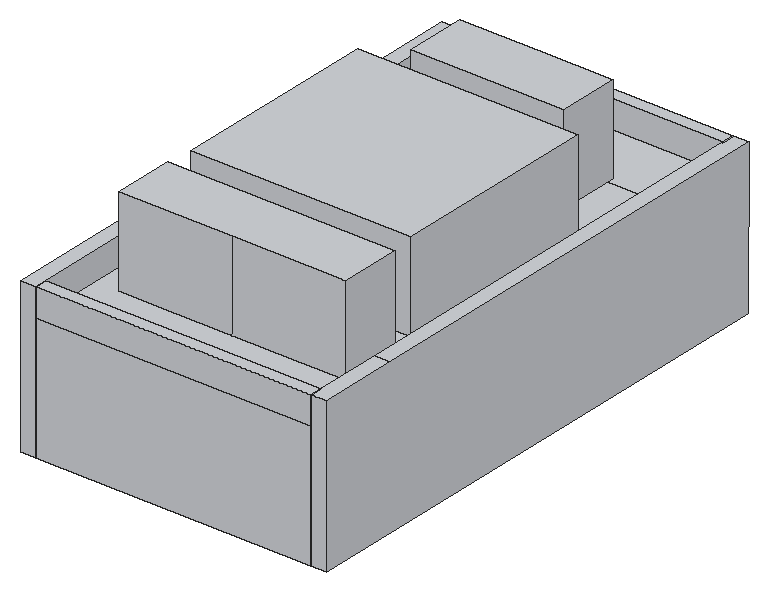
Revit family "Gira_086100", category Electrical Fixtures, host Face, Revit 2017
Family settings
  Host = Face
  Maintain Annotation Orientation = No
  Round Connector Dimension = Use Diameter
  Part Type = Normal
  Cut with Voids When Loaded = No
  Shared = No
  Room Calculation Point = No
Parameters (values of type "Cut-off relay 2-g DRA Blind")
  URL = "https://www.gira.de/"
  Type Comments = ""
  Model = ""
  Manufacturer = "Gira"
  Keynote = ""
  HeinzeBIM = "https://www.heinze.de/bim/cut-off-relay-2-g-dra-blind/5451681ee89bcbe04bd01c97bd85773aa633bdb1"
  HAN = "086100"
  GTIN = "4010337861003"
  Description = "Cut-off relay 2g DRA Blind 2-gang cut-off relay,DRA Features: - Simultaneous control of more than one blind drive. - In each case, two drives are electrically decoupled with one cut-off relay. - With two auxiliary inputs for the individual operation of the blinds and a central input for a central function, e.g. of a timer or for implementing central controllers for distribution among several RCCBs.,Notes : - The DRA cut-off relay is mounted on a cap profile rail."
  Default Elevation = 1219.2 mm
  Cost = 0
  BIMSITE_PRODUCT_ID = "5451681ee89bcbe04bd01c97bd85773aa633bdb1"
  BIM = "https://media.live.bim.site/t/eyJhbGciOiJIUzI1NiIsInR5cCI6IkpXVCJ9.eyJjdCI6MSwidGYiOiJwdWJsaWMvZ2lyYS8wOWY1ZGI1LzA4NjEgMDBfUkVHIDIuNS5yZmEiLCJjaWQiOiJmZWQ5OGU5YS0xYmQ4LTRjNjgtYTczYi03NGE5NGUzMTU4MjMiLCJyaWQiOiI0MjY1OWQ0ZmNjYjkzMWM2N2ZmYjhlMmI2ODdkMDNjMSIsInBpZCI6IjU0NTE2ODFlZTg5YmNiZTA0YmQwMWM5N2JkODU3NzNhYTYzM2JkYjEiLCJzaWQiOiI2MzQ3MCIsInV0Ijo1LCJsYyI6ImVuIiwiaWF0IjoxNjA3NDI3OTIyLCJpc3MiOiJodHRwczovL2FwaS5saXZlLmJpbS5zaXRlIiwic3ViIjoiOGQzYWE1Y2ItZTA2Ni00NTk4LWJlMTYtNmUxNmVlNzQ5NTZhIn0.6kOJNh3xJVP4Q4pjkuiubrHgW2KfkNbC2YrhUM9iArA/0861 00_REG 2.5.rfa"
  Assembly Code = ""
Reference planes
  plane 1 "Center (Front/Back)": y = 0
  plane 2: z = 0
  plane 3 "Center (Left/Right)": x = 0
Forms (mm)
  Extrusion 1, solid, detail levels fine
    sketch origin (24.975, 0, 0) x (0, 1, 0) y (0, 0, 1)
      loop
        line (43, 0) -> (43, 20.49) -> (43, 25) -> (41, 25) -> (41, 20.49) -> (30, 20.49) -> (-41, 20.49) -> (-41, 25) -> (-43, 25) -> (-43, 20.49) -> (-43, 0) -> (-41, 0) -> (-41, 18.5) -> (28.5, 18.5) -> (41, 18.5) -> (41, 0) -> (43, 0)
    from -47.45 to -2.5
  Extrusion 2, solid, detail levels medium
    sketch origin (24.975, 0, 0) x (0, 1, 0) y (0, 0, 1)
      loop
        line (43, 0) -> (43, 18.5) -> (30, 18.5) -> (-43, 18.5) -> (-43, 0) -> (43, 0)
    from -49.95 to 0
  Extrusion 3, solid, detail levels fine
    sketch origin (53.525, 0, 0) x (0, 1, 0) y (0, 0, -1)
      loop
        line (30, -25) -> (43, -25) -> (43, 0) -> (-43, 0) -> (-43, -25) -> (30, -25)
    from 76 to 78.5
  Extrusion 4, solid, detail levels fine
    sketch origin (-53.525, 0, 0) x (0, 1, 0) y (0, 0, 1)
      loop
        line (43, 0) -> (43, 25) -> (-30, 25) -> (-43, 25) -> (-43, 0) -> (43, 0)
    from 76 to 78.5
  Extrusion 5, solid, detail levels fine
    sketch origin (0, 3, 0) x (1, 0, 0) y (0, 1, 0)
      loop
        line (-17.975, 14) -> (-17.975, -20) -> (17.985, -20) -> (17.985, 14) -> (-17.975, 14)
    from 20.49 to 35
  Extrusion 6, solid, detail levels fine
    sketch origin (0, -5, 0) x (1, 0, 0) y (0, 1, 0)
      loop
        line (-12.475, 26) -> (12.475, 26) -> (12.475, 36) -> (0, 36) -> (-12.475, 36) -> (-12.475, 26)
    from 20.49 to 35
  Extrusion 7, solid, detail levels fine
    sketch origin (0, 5, 0) x (1, 0, 0) y (0, 1, 0)
      loop
        line (0, -36) -> (18.475, -36) -> (18.475, -26) -> (-18.475, -26) -> (-18.475, -36) -> (0, -36)
    from 20.49 to 35
  Extrusion 8, solid, detail levels medium
    sketch origin (0, 0, 0) x (1, 0, 0) y (0, 0, 1)
      loop
        line (-24.975, 0) -> (24.975, 0) -> (24.975, 25) -> (18.475, 25) -> (18.475, 35) -> (-18.475, 35) -> (-18.475, 25) -> (-19.975, 25) -> (-24.975, 25) -> (-24.975, 0)
    from -43 to 43
  Extrusion 9, solid, detail levels coarse
    sketch origin (0, 0, 0) x (1, 0, 0) y (0, 1, 0)
      loop
        line (-24.975, -43) -> (24.975, -43) -> (24.975, 43) -> (-24.975, 43) -> (-24.975, -43)
    from 0 to 35
Dimensions and locks
  aligned and locked: plane 2 to host face
  aligned and locked: level to host face
